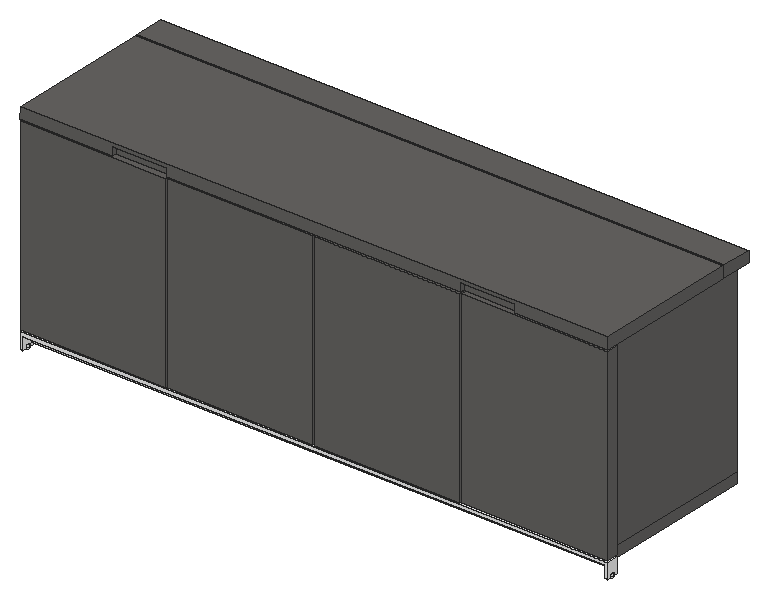
Revit family "Storage-Credenza-Teknion-ZXHD_High_All_Doors-R2011", category Furniture Systems, Revit 2013
Parameters (values of type "(See Type Catalog)")
  Width = 80"
  Warranty = "http://www.teknionstudio.com/pdfs/Teknion%20Studio%20Warranty.pdf"
  Unit Weight = 0.00 lbf
  Unit Finish [instance] = Veneer - Teknion - P7 - Grey Oak
  URL = "www.teknionstudio.com"
  Wire Cutout Offset = if(Has Wire Management, 0", 4")  # 0"
  Low Emitting Material = yes
  Low Emitting Finish = yes
  Door Cutout Offset = if(Width = 60", 4", if(Width = 80", 0", 4"))  # 0"
  Series = "B&B Italia"
  Product Page URL = "http://www.teknionstudio.com/acexecutive/"
  Product Line = "AC Executive"
  Product Documentation Link = "http://www.teknionstudio.com/pricing/ac_executive_ppg.pdf"
  Part Number = "ZXHD"
  Model = ""
  Manufacturer Phone = "919-464-2920"
  Manufacturer Fax = "919-464-2927"
  Manufacturer Email = "customersupport@teknionstudio.com"
  Manufacturer Address = "3940 US 70 Business HWY West, Clayton, NC 27520"
  Manufacturer = "Teknion Studio"  # constant formula
  Height = 29 175/256"
  Has Wire Management = yes
  Description = ""
  Depth = 24"
  Assembly Code = "E2020200"
Reference planes (in)
  plane 1 "Center F/B": y = 0
  plane 2: z = 0
  plane 3 "Center L/R": x = 0
  plane 4 "Unit Left": x = -38.4252
  plane 5 "Right": x = 38.4252
  plane 6 "Back": y = 12
  plane 7 "Front": y = -12
  plane 8 "Top": z = 29.6836
  plane 9: x = -20
  plane 10: x = 20
  plane 11: z = 2.1289
  plane 12 "Foot Centerline": y = -11.2126
  plane 13 "Elevation": z = 15.13656
  plane 14: z = 28.14423
  plane 15: x = -40
  plane 16: x = 40
  plane 17: x = -13.33333
  plane 18: x = 13.33333
  plane 19: x = -40
  plane 20: x = 40
  plane 21: x = -40
  plane 22: x = 40
  plane 23: x = -40
  plane 24: x = 40
  plane 25: y = -12
  plane 26: z = 29.6836
  plane 27: x = -20
  plane 28: x = -20
  plane 29: x = 20
  plane 30: x = 20
Forms (in)
  Sweep 1, solid, material "Metal - Teknion - C6 - Chrome"
    path origin (0, -12, 0) x (1, 0, 0) y (0, 0, 1)
      loop
        line (40, 0.05803) -> (40, 2.1289) -> (-40, 2.1289) -> (-40, 0.05803)
    profile origin (0, -12, 2.1289) x (0, 0, -1) y (0, -1, 0)
      loop
        line (0, 0) -> (0, -1.5748) -> (0.394, -1.5748) -> (0.394, 0) -> (0, 0)
  Sweep 2, solid, material "Metal - Teknion - C6 - Chrome"
    path origin (0, -12, 0) x (1, 0, 0) y (0, 0, 1)
      loop
        line (-40, 2.1289) -> (40, 2.1289)
    profile origin (0, -12, 2.1289) x (0, 0, 1) y (0, -1, 0)
      loop
        line (-0.394, -1.5748) -> (-0.394, -1.3778) -> (-1.575, -1.3778) -> (-1.575, -1.5748) -> (-0.394, -1.5748)
  Revolve 3, solid, material "Metal - Teknion - C6 - Chrome"
    sketch origin (0, -11.2126, 0) x (0, 0, -1) y (1, 0, 0)
      loop
        line (-0.4911, 39.4687) -> (-0.45173, 39.42933) -> (-0.28492, 39.42933) -> (-0.24555, 39.4687) -> (-0.20618, 39.42933) -> (-0.03937, 39.42933) -> (0, 39.4687) -> (0, 39.80335) -> (-0.4911, 39.80335) -> (-0.4911, 39.4687)
      axis (0, 39.80335) -> (-0.4911, 39.80335)
    angle from 0 to 360
  Revolve 4, solid, material "Metal - Teknion - C6 - Chrome"
    sketch origin (0, -11.2126, 0) x (0, 0, -1) y (1, 0, 0)
      loop
        line (0, -40.138) -> (0, -39.80335) -> (-0.4911, -39.80335) -> (-0.4911, -40.138) -> (-0.45173, -40.17737) -> (-0.28492, -40.17737) -> (-0.24555, -40.138) -> (-0.20618, -40.17737) -> (-0.03937, -40.17737) -> (0, -40.138)
      axis (0, -39.80335) -> (-0.4911, -39.80335)
    angle from 0 to 360
  Sweep 5, solid, material "Veneer - Teknion - P7 - Grey Oak" <- "Unit Finish"
    path origin (0, 0, 15.40683) x (-1, 0, 0) y (0, -1, 0)
      loop
        line (0, -12) -> (0, 12)
    profile origin (0, 0, 15.40683) x (1, 0, 0) y (0, 0, 1)
      loop
        line (-40, 14.27677) -> (-40, 12.7374) -> (40, 12.7374) -> (40, 14.27677) -> (-40, 14.27677)
  Sweep 6, solid, material "Veneer - Teknion - P7 - Grey Oak" <- "Unit Finish"
    path origin (0, -12, 0) x (1, 0, 0) y (0, 0, 1)
      loop
        line (-38.4252, 2.1289) -> (38.4252, 2.1289)
    profile origin (0, -12, 2.1289) x (0, 0, 1) y (0, -1, 0)
      loop
        line (0, -1.5748) -> (-1.53937, -1.5748) -> (-1.53937, -24) -> (0, -24) -> (0, -1.5748)
  Sweep 7, solid, material "Veneer - Teknion - P7 - Grey Oak" <- "Unit Finish"
    path origin (0, 0, 15.40683) x (-1, 0, 0) y (0, -1, 0)
      loop
        line (38.4252, 0) -> (-38.4252, 0)
    profile origin (0, 0, 15.40683) x (0, 1, 0) y (0, 0, 1)
      loop
        line (7.61024, 12.3433) -> (7.61024, 12.7374) -> (-10.32283, 12.7374) -> (-10.32283, -13.27793) -> (12, -13.27793) -> (12, 12.3433) -> (7.61024, 12.3433)
  Sweep 8, solid, material "Veneer - Teknion - P7 - Grey Oak" <- "Unit Finish"
    path origin (0, -12, 0) x (1, 0, 0) y (0, 0, 1)
      loop
        line (0, 27.89423) -> (0, 2.3789)
    profile origin (0, -12, 15.13656) x (0, -1, 0) y (1, 0, 0)
      loop
        line (-1.5394, -40) -> (0, -40) -> (0, 40) -> (-1.5394, 40) -> (-1.5394, -40)
  Sweep 9, void
    path origin (0, 0, 0) x (0, 1, 0) y (0, 0, 1)
      loop
        line (-12, 28.14423) -> (-11.5276, 28.14423)
    profile origin (0, -11.7638, 28.14423) x (0, 0, 1) y (1, 0, 0)
      loop
        line (0, -27.42263) -> (1.1, -27.42263) -> (1.1, -20) -> (0, -20) -> (0, -27.42263)
  Sweep 10, void
    path origin (0, -9, 0) x (0, 1, 0) y (0, 0, 1)
      loop
        line (-3, 28.14423) -> (-1.4606, 28.14423)
    profile origin (0, -11.2303, 28.14423) x (0, 0, 1) y (1, 0, 0)
      loop
        line (-26.01533, -20.125) -> (0, -20.125) -> (0, -19.875) -> (-26.01533, -19.875) -> (-26.01533, -20.125)
  Sweep 11, void
    path origin (0, 12, 0) x (-1, 0, 0) y (0, 0, 1)
      loop
        line (40, 29.6836) -> (-40, 29.6836)
    profile origin (0, 12, 29.6836) x (0, 0, -1) y (0, 1, 0)
      loop
        line (1.53937, -4.38976) -> (1.53937, -4.13976) -> (0, -4.13976) -> (0, -4.38976) -> (1.53937, -4.38976)
  Sweep 12, void
    path origin (0, 0, 0) x (0, 1, 0) y (0, 0, 1)
      loop
        line (-12, 28.14423) -> (-11.5276, 28.14423)
    profile origin (0, -11.7638, 28.14423) x (0, 0, 1) y (1, 0, 0)
      loop
        line (0, 27.42262) -> (0, 20) -> (1.1, 20) -> (1.1, 27.42262) -> (0, 27.42262)
  Sweep 13, void
    path origin (20, -9, 0) x (0, 1, 0) y (0, 0, 1)
      loop
        line (-3, 28.14423) -> (-1.4606, 28.14423)
    profile origin (20, -11.2303, 28.14423) x (0, 0, 1) y (1, 0, 0)
      loop
        line (-26.01533, -0.125) -> (0, -0.125) -> (0, 0.125) -> (-26.01533, 0.125) -> (-26.01533, -0.125)
  Sweep 14, void
    path origin (0, 0, 0) x (0, 1, 0) y (0, 0, 1)
      loop
        line (-12, 28.14423) -> (-10.4606, 28.14423)
    profile origin (0, -11.2303, 28.14423) x (0, 0, 1) y (1, 0, 0)
      loop
        line (-26.01533, -0.125) -> (0, -0.125) -> (0, 0.125) -> (-26.01533, 0.125) -> (-26.01533, -0.125)
Cuts and joins
  Sweep 14 cuts Sweep 1
  Sweep 14 cuts Sweep 2
  Sweep 14 cuts Revolve 4
  joined: Sweep 1, Sweep 2, Revolve 3, Revolve 4
  Sweep 9, Sweep 10, Sweep 11, Sweep 12, Sweep 14 cuts Sweep 5
  Sweep 10, Sweep 13, Sweep 14 cuts Sweep 8
Lines and regions (in)
  Masking region 1
    outline origin (0, 0, 15.40683) x (-1, 0, 0) y (0, -1, 0)
      loop
        line (40, -12) -> (40, 12) -> (-40, 12) -> (-40, -12) -> (40, -12)
  symbolic lines, visible <- "Has Wire Management"
    curve 1: line (-40.0002, 7.61024, 15.40683) -> (40.0002, 7.61024, 15.40683)
  symbolic lines
    curve 2: arc (-20.125, -12, 15.40683) -> (-25.94625, -26.05375, 15.40683) -> (-40, -31.875, 15.40683) r 19.875
    curve 3: arc (20.125, -12, 15.40683) -> (25.94625, -26.05375, 15.40683) -> (40, -31.875, 15.40683) r 19.875
  symbolic lines, style "Elevation Swing"
    curve 4: line (-40, -12, 15.13656) -> (-20.125, -12, 27.89423)
    curve 5: line (-40, -12, 15.13656) -> (-20.125, -12, 2.3789)
    curve 6: line (20.125, -12, 27.89423) -> (40, -12, 15.13656)
    curve 7: line (40, -12, 15.13656) -> (20.125, -12, 2.3789)
  symbolic lines, style "FurnitureSystems"
    curve 8: line (-40, -12, 15.40683) -> (-40, -31.875, 15.40683)
    curve 9: line (40, -12, 15.40683) -> (40, -31.875, 15.40683)
Dimensions and locks (in)
  equal spacing: plane 6 "Back", plane 1 "Center F/B", plane 7 "Front"
  "Depth": plane 6 "Back" to plane 7 "Front"
  locked: plane 15 to plane 4 "Unit Left" at 1.5748
  locked: plane 5 "Right" to plane 16 at 1.5748
  "Height": plane 8 "Top" to plane 2
  locked: Sweep 1 sketch curve to level at 0.05803  (x2)
  locked: plane 7 "Front" to Sweep 1 sketch curve at 1.5748
  locked: plane 11 to plane 2 at 2.1289
  locked: plane 11 to Sweep 1 sketch curve at 0.394
  plane 11 to Sweep 2 sketch curve to Sweep 2 sketch curve = 0.394" locked, 1.181" locked
  plane 7 "Front" to Sweep 2 sketch curve to Sweep 2 sketch curve = 1.3778" locked, 0.197" locked
  locked: plane 8 "Top" to Sweep 5 sketch curve at 1.53937
  locked: plane 11 to Sweep 6 sketch curve at 1.53937
  locked: plane 7 "Front" to Sweep 6 sketch curve at 1.5748
  locked: plane 8 "Top" to Sweep 7 sketch curve at 1.53937
  locked: plane 8 "Top" to Sweep 7 sketch curve at 1.93347
  locked: Sweep 7 sketch curve to plane 7 "Front" at 1.67717
  locked: plane 8 "Top" to plane 14 at 1.53937
  equal spacing: plane 14, plane 13 "Elevation", plane 11
  equal spacing: plane 15, plane 3 "Center L/R", plane 16
  locked: Sweep 8 sketch curve to plane 7 "Front" at 1.5394
  locked: Sweep 8 sketch curve to plane 11 at 0.25
  locked: plane 14 to Sweep 8 sketch curve at 0.25
  locked: plane 7 "Front" to plane 12 "Foot Centerline" at 0.7874
  locked: plane 4 "Unit Left" to Revolve 4 sketch curve at 1.37815
  locked: Revolve 4 sketch curve to Revolve 4 sketch curve at 0.37402
  Revolve 4 sketch curve to Revolve 4 sketch curve to Revolve 4 sketch curve to plane 2 = 0.07874" locked, 0.16681" locked, 0.03937" locked
  Revolve 4 sketch curve to Revolve 4 sketch curve to Revolve 4 sketch curve to Revolve 4 sketch curve = 0.03937" locked, 0.16681" locked, 0.03937" locked
  locked: Revolve 3 sketch curve to plane 5 "Right" at 1.37815
  locked: Revolve 3 sketch curve to Revolve 3 sketch curve at 0.37402
  Revolve 3 sketch curve to Revolve 3 sketch curve to Revolve 3 sketch curve to Revolve 3 sketch curve to plane 2 = 0.03937" locked, 0.16681" locked, 0.07874" locked, 0.20618" locked
  "Door Cutout Offset": plane 7 "Front" to plane 25
  locked: Sweep 9 sketch curve to plane 7 "Front" at 0.4724
  locked: Sweep 9 sketch curve to plane 14 at 1.1
  "Wire Cutout Offset": plane 26 to plane 8 "Top"
  locked: Sweep 11 sketch curve to Sweep 11 sketch curve at 0.25
  locked: plane 26 to Sweep 11 sketch curve at 1.53937
  locked: plane 6 "Back" to Sweep 11 sketch curve at 4.13976
  "Width": plane 15 to plane 16
  equal spacing: plane 20, plane 3 "Center L/R", plane 19
  "Width": plane 20 to plane 19
  equal spacing: plane 15, plane 9, plane 3 "Center L/R"
  equal spacing: plane 3 "Center L/R", plane 10, plane 16
  equal spacing: plane 22, plane 3 "Center L/R", plane 21
  "Width": plane 22 to plane 21
  equal spacing: plane 24, plane 3 "Center L/R", plane 23
  "Width": plane 24 to plane 23
  equal spacing: plane 15, plane 17, plane 18, plane 16
  locked: plane 15 to plane 27 at 20
  locked: Sweep 9 sketch curve to plane 27 at 7.42262
  locked: Sweep 10 sketch curve to plane 7 "Front" at 1.5394
  Sweep 10 sketch curve to plane 28 to Sweep 10 sketch curve = 1/8" locked, 1/8" locked
  locked: Sweep 12 sketch curve to plane 7 "Front" at 0.4724
  locked: Sweep 12 sketch curve to Sweep 12 sketch curve at 7.42262
  locked: Sweep 12 sketch curve to plane 14 at 1.1
  locked: plane 29 to plane 16 at 20
  locked: plane 28 to plane 15 at 20
  Sweep 13 sketch curve to plane 30 to Sweep 13 sketch curve = 1/8" locked, 1/8" locked
  locked: plane 16 to plane 30 at 20
  locked: Sweep 14 sketch curve to plane 25 at 1.5394
  Sweep 14 sketch curve to plane 3 "Center L/R" to Sweep 14 sketch curve = 1/8" locked, 1/8" locked
  locked: Sweep 13 sketch curve to plane 7 "Front" at 1.5394
  aligned and locked: level to plane 2
  aligned and locked: Sweep 1 sketch curve to plane 7 "Front"
  aligned and locked: plane 11 to Sweep 1 sketch curve
  aligned and locked: Sweep 1 sketch curve to plane 11
  aligned and locked: Sweep 2 sketch curve to plane 11
  aligned and locked: plane 6 "Back" to Sweep 5 sketch curve
  aligned and locked: plane 7 "Front" to Sweep 5 sketch curve
  aligned and locked: Sweep 5 sketch curve to plane 3 "Center L/R"
  aligned and locked: Sweep 5 sketch curve to plane 8 "Top"
  aligned and locked: Sweep 6 sketch curve to plane 11  (x2)
  aligned and locked: Sweep 6 sketch curve to plane 6 "Back"
  aligned and locked: plane 1 "Center F/B" to Sweep 7 sketch curve
  aligned and locked: plane 6 "Back" to Sweep 7 sketch curve
  aligned and locked: plane 11 to Sweep 7 sketch curve
  aligned and locked: plane 4 "Unit Left" to Sweep 7 sketch curve
  aligned and locked: plane 5 "Right" to Sweep 7 sketch curve
  aligned and locked: Sweep 8 sketch curve to plane 3 "Center L/R"
  aligned and locked: plane 7 "Front" to Sweep 8 sketch curve
  aligned and locked: plane 4 "Unit Left" to Sweep 6 sketch curve
  aligned and locked: plane 5 "Right" to Sweep 6 sketch curve
  aligned and locked: Sweep 1 sketch curve to plane 21
  aligned and locked: plane 22 to Sweep 1 sketch curve
  aligned and locked: plane 23 to Sweep 2 sketch curve
  aligned and locked: plane 24 to Sweep 2 sketch curve
  aligned and locked: Revolve 3 sketch curve to Revolve 3 sketch curve  (x2)
  aligned and locked: Revolve 3 sketch curve to plane 2
  aligned and locked: Revolve 4 sketch curve to Revolve 4 sketch curve  (x2)
  aligned and locked: Revolve 4 sketch curve to plane 2
  aligned and locked: plane 14 to Sweep 9 sketch curve
  aligned and locked: Sweep 9 sketch curve to plane 14
  aligned and locked: plane 14 to Sweep 10 sketch curve  (x2)
  aligned and locked: Sweep 11 sketch curve to plane 26  (x2)
  aligned and locked: curve 1 to cut or joined group of Sweep 5, Sweep 9, Sweep 10, Sweep 11, Sweep 12, Sweep 14
  aligned and locked: plane 19 to Sweep 5 sketch curve
  aligned and locked: Sweep 5 sketch curve to plane 20
  aligned and locked: plane 15 to Sweep 11 sketch curve
  aligned and locked: plane 16 to Sweep 11 sketch curve
  aligned and locked: plane 15 to Sweep 8 sketch curve
  aligned and locked: Sweep 8 sketch curve to plane 16
  aligned and locked: Sweep 10 sketch curve to plane 11
  aligned and locked: plane 27 to Sweep 9 sketch curve
  aligned and locked: plane 14 to Sweep 12 sketch curve  (x2)
  aligned and locked: plane 29 to Sweep 12 sketch curve
  aligned and locked: plane 14 to Sweep 13 sketch curve
  aligned and locked: plane 14 to Sweep 14 sketch curve  (x2)
  aligned and locked: Sweep 14 sketch curve to plane 11
  aligned and locked: plane 7 "Front" to Sweep 9 sketch curve
  aligned and locked: plane 7 "Front" to Sweep 12 sketch curve
  aligned and locked: plane 7 "Front" to Sweep 10 sketch curve
  aligned and locked: plane 25 to Sweep 14 sketch curve
  aligned and locked: plane 7 "Front" to Sweep 13 sketch curve
  aligned and locked: plane 16 to Masking region 1 sketch curve
  aligned and locked: plane 15 to Masking region 1 sketch curve
  aligned and locked: Masking region 1 sketch curve to plane 6 "Back"
  aligned and locked: Masking region 1 sketch curve to plane 7 "Front"
  aligned and locked: curve 8 to plane 15
  aligned and locked: cut or joined group of Sweep 8, Sweep 10, Sweep 13, Sweep 14 to curve 2
  aligned and locked: plane 7 "Front" to curve 2
  aligned and locked: plane 16 to curve 9
  aligned and locked: curve 3 to cut or joined group of Sweep 8, Sweep 10, Sweep 13, Sweep 14
  aligned and locked: plane 7 "Front" to curve 3
  aligned and locked: plane 13 "Elevation" to curve 5
  aligned and locked: plane 15 to curve 5
  aligned and locked: cut or joined group of Sweep 8, Sweep 10, Sweep 13, Sweep 14 to curve 4
  aligned and locked: curve 5 to cut or joined group of Sweep 8, Sweep 10, Sweep 13, Sweep 14
  aligned and locked: plane 16 to curve 7
  aligned and locked: cut or joined group of Sweep 8, Sweep 10, Sweep 13, Sweep 14 to curve 7
  aligned and locked: curve 6 to cut or joined group of Sweep 8, Sweep 10, Sweep 13, Sweep 14
  aligned and locked: Sweep 13 sketch curve to plane 11
  aligned and locked: plane 13 "Elevation" to curve 7
Automatic sketch dimensions
  Revolve 3 sketch curve to Revolve 3 sketch curve = 0.15736"
  Revolve 3 sketch curve to Revolve 3 sketch curve = 0.03937"  (x3)
  level to Revolve 3 sketch curve = 0.03937"
  Revolve 3 sketch curve to level = 0.10154"
  Revolve 4 sketch curve to Revolve 4 sketch curve = 0.2589"
  Revolve 4 sketch curve to level = 0.42419"
  Revolve 4 sketch curve to Revolve 4 sketch curve = 0.03937"  (x2)
  Sweep 7 sketch curve to Sweep 7 sketch curve = 4.38976"
  Sweep 13 sketch curve to profile plane = 0"
  plane 7 "Front" to curve 8 = 0"
  curve 1 to plane 16 = 0.0002"
  curve 1 to plane 15 = 0.0002"
  plane 11 to curve 5 = 1/4"
  plane 11 to curve 7 = 1/4"
  curve 6 to plane 14 = 1/4"
  curve 4 to plane 14 = 1/4"
  plane 7 "Front" to curve 9 = 0"
